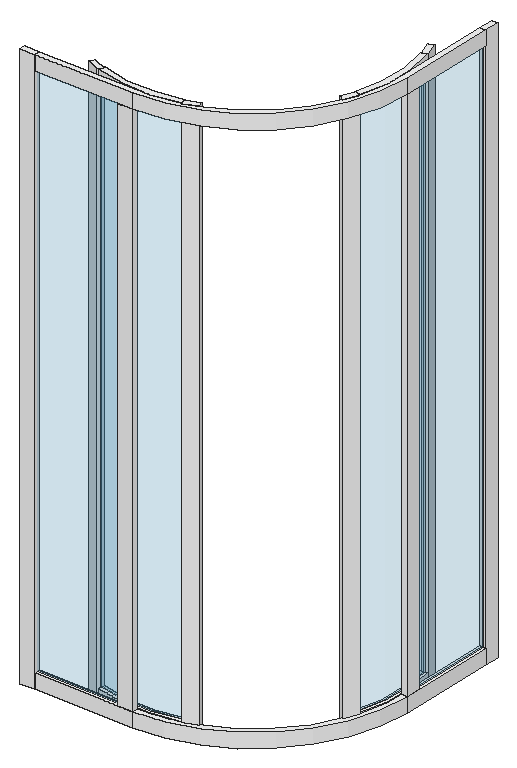
Revit family
Parameters (values of type "Ifö Solid, Clear glass, White profiles, 900mmx900mm")
  Width = 900.0 mm
  W1 = 386.3 mm
  Vertical Profile Width = 20.0 mm
  Vertical Profile Height = 50.0 mm
  VVS Number = "673863090"
  URL = "www.maxsibbern.dk"
  Reseller = "Max Sibbern A/S"
  Radius = 493.726 mm
  Profiles Top_Bottom = yes
  Profile Material = Ifö_White Aluminium
  Pane Material = Ifö_Glass
  Pane Height = if(Profiles Top_Bottom, (Height - 100.0 mm), Height)  # 1850.0 mm
  Model = "IFO_Shower Corner, Round"
  Manufacturer = "Ifö"
  Ifö Number = "0607580"
  Height = 1950.0 mm
  Handles = no
  Frame Profie Width = 20.0 mm
  Frame Profie Height = 50.0 mm
  CE Labeling = "yes"
  Assembly Code = "D2010"
Types (5, lengths in mm): name | VVS Number | Profile Material | Pane Material | Ifö Number
  Ifö Solid, Clear glass, White profiles, 900mmx900mm | "673863090" | Ifö_White Aluminium | Ifö_Glass | "0607580"
  Ifö Solid, Clear glass, Aluminium profiles, 900mmx900mm | "673863092" | Ifö_Aluminium | Ifö_Glass | "0607581"
  Ifö Solid, Printed glass, White profiles, 900mmx900mm | "673863290" | Ifö_White Aluminium | Ifö_Printed Glass | "0607582"
  Ifö Solid, Printed glass, Aluminium profiles, 900mmx900mm | "673863292" | Ifö_Aluminium | Ifö_Printed Glass | "0607582"
  Ifö Solid, Toned glass, Aluminium profiles, 900mmx900mm | "673863492" | Ifö_Aluminium | Ifö_Printed Glass | "0607583/673863492\r\n0607583"
Reference planes
  plane 1 "Center (Front/Back)": y = 0
  plane 2: z = 0
  plane 3 "Center (Left/Right)": x = 0
  plane 4: x = 900
  plane 5: y = -900
  plane 6: z = 1950
  plane 7: x = 50
  plane 8: y = -50
  plane 9: y = -890
  plane 10: y = -910
  plane 11: x = 890
  plane 12: x = 910
  plane 13: z = 50
  plane 14: z = 1900
  plane 15: x = 386.3
  plane 16: y = -386.3
  plane 17: x = 336.3
  plane 18: y = -336.3
  plane 19: y = -890
  plane 20: y = -910
  plane 21: x = 890
  plane 22: x = 910
  plane 23: y = -898
  plane 24: y = -902
  plane 25: x = 898
  plane 26: x = 902
  plane 27: x = 286.3
  plane 28: y = -286.3
  plane 29: y = -870
  plane 30: x = 870
  plane 31: y = -880
  plane 32: x = 880
  plane 33: z = 1900
  plane 34: z = 50
  plane 35: y = -890
  plane 36: y = -910
  plane 37: x = 890
  plane 38: x = 910
  plane 39: z = 975
  plane 40: z = 1900
  plane 41: z = 50
Forms (mm)
  Extrusion 1, solid, material "Ifö_White Aluminium" <- "Profile Material"
    sketch origin (0, 0, 0) x (1, 0, 0) y (0, 1, 0)
      loop
        line (50, -890) -> (50, -910) -> (386.3, -910)
        arc (386.3, -910) -> (756.612, -756.612) -> (910, -386.3) r 523.7
        line (910, -386.3) -> (910, -50) -> (890, -50) -> (890, -386.3)
        arc (890, -386.3) -> (742.47, -742.47) -> (386.3, -890) r 503.7
        line (386.3, -890) -> (50, -890)
    from 0 to 50
  Extrusion 2, solid, material "Ifö_White Aluminium" <- "Profile Material"
    sketch origin (1110, -1524, 1850) x (0, -1, 0) y (-1, 0, 0)
      loop
        line (-634, 1060) -> (-634, 723.7)
        arc (-634, 723.7) -> (-781.53, 367.53) -> (-1137.7, 220) r 503.7
        line (-1137.7, 220) -> (-1474, 220) -> (-1474, 200) -> (-1137.7, 200)
        arc (-1137.7, 200) -> (-767.388, 353.388) -> (-614, 723.7) r 523.7
        line (-614, 723.7) -> (-614, 1060) -> (-634, 1060)
    from -100 to -50
  Extrusion 3, solid, material "Ifö_White Aluminium" <- "Profile Material"
    sketch origin (1110, -1524, 1850) x (0, -1, 0) y (-1, 0, 0)
      loop
        line (-634, 1110) -> (-634, 1060) -> (-614, 1060) -> (-614, 1110) -> (-634, 1110)
    from -100 to 1850
  Extrusion 4, solid, material "Ifö_White Aluminium" <- "Profile Material"
    sketch origin (1110, -1524, 1850) x (0, -1, 0) y (-1, 0, 0)
      loop
        line (-1524, 200) -> (-1474, 200) -> (-1474, 220) -> (-1524, 220) -> (-1524, 200)
    from -100 to 1850
  Extrusion 5, solid, material "Ifö_White Aluminium" <- "Profile Material"
    sketch origin (1110, -1524, 1850) x (0, -1, 0) y (-1, 0, 0)
      loop
        line (-634, 773.7) -> (-634, 723.7) -> (-614, 723.7) -> (-614, 773.7) -> (-634, 773.7)
    from -50 to 1800
  Extrusion 6, solid, material "Ifö_White Aluminium" <- "Profile Material"
    sketch origin (1110, -1524, 1850) x (0, -1, 0) y (-1, 0, 0)
      loop
        line (-1187.7, 220) -> (-1187.7, 200) -> (-1137.7, 200) -> (-1137.7, 220) -> (-1187.7, 220)
    from -50 to 1800
  Extrusion 7, solid, material "Ifö_Glass" <- "Pane Material"
    sketch origin (0, 0, 0) x (1, 0, 0) y (0, 1, 0)
      loop
        line (50, -898) -> (50, -902) -> (336.3, -902) -> (336.3, -898) -> (50, -898)
    from 50 to 1900
  Extrusion 8, solid, material "Ifö_Glass" <- "Pane Material"
    sketch origin (0, 0, 0) x (1, 0, 0) y (0, 1, 0)
      loop
        line (902, -336.3) -> (902, -50) -> (898, -50) -> (898, -336.3) -> (902, -336.3)
    from 50 to 1900
  Extrusion 9, solid, material "Ifö_White Aluminium" <- "Profile Material"
    sketch origin (0, 0, 0) x (1, 0, 0) y (0, 1, 0)
      loop
        line (193.87, -830.103) -> (185.914, -848.453) -> (231.787, -868.343) -> (239.743, -849.994) -> (193.87, -830.103)
    from 0 to 1950 <- "Height"
  Extrusion 10, solid, material "Ifö_White Aluminium" <- "Profile Material"
    sketch origin (0, 0, 0) x (1, 0, 0) y (0, 1, 0)
      loop
        line (564.048, -836.185) -> (517.546, -854.558) -> (524.895, -873.159) -> (571.397, -854.786) -> (564.048, -836.185)
    from 0 to 1950 <- "Height"
  Sweep 11, solid, material "Ifö_Glass" <- "Pane Material"
    path origin (0, 0, 0) x (1, 0, 0) y (0, 1, 0)
      loop
        arc (236.84, -856.69) -> (378.208, -879.861) -> (520.278, -861.473) r 493.726
    profile origin (378.208, -879.861, 0) x (0.016874, 0.999858, 0) y (0, 0, 1)
      loop
        line (2, 50) -> (2, 1900) -> (-2, 1900) -> (-2, 50) -> (2, 50)
  Extrusion 12, solid, material "Ifö_White Aluminium" <- "Profile Material"
    sketch origin (0, 0, 0) x (1, 0, 0) y (0, 1, 0)
      loop
        line (836.185, -208.552) -> (854.558, -255.054) -> (873.159, -247.705) -> (854.786, -201.203) -> (836.185, -208.552)
    from 0 to 1950 <- "Height"
  Extrusion 13, solid, material "Ifö_White Aluminium" <- "Profile Material"
    sketch origin (0, 0, 0) x (1, 0, 0) y (0, 1, 0)
      loop
        line (830.103, -578.73) -> (848.453, -586.686) -> (868.343, -540.813) -> (849.994, -532.857) -> (830.103, -578.73)
    from 0 to 1950 <- "Height"
  Sweep 14, solid, material "Ifö_Glass" <- "Pane Material"
    path origin (0, 0, 0) x (1, 0, 0) y (0, 1, 0)
      loop
        arc (861.498, -252.312) -> (879.959, -394.41) -> (856.84, -535.825) r 493.726
    profile origin (879.959, -394.41, 0) x (0.999865, -0.016427, 0) y (0, 0, 1)
      loop
        line (2, 1900) -> (-2, 1900) -> (-2, 50) -> (2, 50) -> (2, 1900)
  Sweep 15, solid, material "Ifö_White Aluminium" <- "Profile Material", visible <- "Profiles Top_Bottom"
    path origin (0, 0, 0) x (1, 0, 0) y (0, 1, 0)
      loop
        arc (236.791, -856.845) -> (378.197, -879.959) -> (520.285, -861.498) r 493.726
    profile origin (378.197, -879.959, 0) x (0.016413, 0.999865, 0) y (0, 0, 1)
      loop
        line (-10, 0) -> (10, 0) -> (10, 50) -> (-10, 50) -> (-10, 0)
  Sweep 16, solid, material "Ifö_White Aluminium" <- "Profile Material", visible <- "Profiles Top_Bottom"
    path origin (0, 0, 0) x (1, 0, 0) y (0, 1, 0)
      loop
        arc (236.791, -856.845) -> (378.197, -879.959) -> (520.285, -861.498) r 493.726
    profile origin (378.197, -879.959, 0) x (0.016413, 0.999865, 0) y (0, 0, 1)
      loop
        line (-10, 1950) -> (-10, 1900) -> (10, 1900) -> (10, 1950) -> (-10, 1950)
  Sweep 17, solid, material "Ifö_White Aluminium" <- "Profile Material", visible <- "Profiles Top_Bottom"
    path origin (0, 0, 0) x (1, 0, 0) y (0, 1, 0)
      loop
        arc (861.498, -252.312) -> (879.959, -394.41) -> (856.84, -535.825) r 493.726
    profile origin (879.959, -394.41, 0) x (0.999865, -0.016427, 0) y (0, 0, 1)
      loop
        line (10, 0) -> (10, 50) -> (-10, 50) -> (-10, 0) -> (10, 0)
  Sweep 18, solid, material "Ifö_White Aluminium" <- "Profile Material", visible <- "Profiles Top_Bottom"
    path origin (0, 0, 0) x (1, 0, 0) y (0, 1, 0)
      loop
        arc (861.498, -252.312) -> (879.959, -394.41) -> (856.84, -535.825) r 493.726
    profile origin (879.959, -394.41, 0) x (0.999865, -0.016427, 0) y (0, 0, 1)
      loop
        line (10, 1950) -> (-10, 1950) -> (-10, 1900) -> (10, 1900) -> (10, 1950)
  Extrusion 19, solid, material "Ifö_White Aluminium" <- "Profile Material", visible <- "Handles"
    sketch origin (468.288, -873.171, 0) x (0, 0, 1) y (-0.986116, -0.166059, 0)
      loop
        circle (975, 0) r 15
    from 0 to 20
  Extrusion 20, solid, material "Ifö_White Aluminium" <- "Profile Material", visible <- "Handles"
    sketch origin (870.215, -484.237, 0) x (0, 0, 1) y (-0.198363, -0.980129, 0)
      loop
        circle (975, 0) r 15
    from 0 to 20
Lines and regions (mm)
  reference lines
    curve 1: arc (386.3, -900, 0) -> (749.541, -749.541, 0) -> (900, -386.3, 0) r 513.7
    curve 2: arc (386.3, -890, 0) -> (742.47, -742.47, 0) -> (890, -386.3, 0) r 503.7
    curve 3: arc (386.3, -910, 0) -> (756.612, -756.612, 0) -> (910, -386.3, 0) r 523.7
    curve 4: arc (189.892, -839.278, 0) -> (378.19, -879.959, 0) -> (567.722, -845.485, 0) r 493.726
    curve 5: arc (386.3, -880.026, 0) -> (735.417, -735.417, 0) -> (880.026, -386.3, 0) r 493.726
    curve 6: arc (845.485, -204.878, 0) -> (879.959, -394.41, 0) -> (839.278, -582.708, 0) r 493.726
    curve 7: line (386.3, -386.3, 0) -> (386.3, -386.3, 1950)
    curve 8: line (386.3, -386.3, 0) -> (189.892, -839.278, 0)
    curve 9: line (386.3, -386.3, 0) -> (567.722, -845.485, 0)
    curve 10: line (386.3, -386.3, 0) -> (839.278, -582.708, 0)
    curve 11: line (386.3, -386.3, 0) -> (845.485, -204.878, 0)
    curve 12: line (386.3, -386.3, 0) -> (468.288, -873.171, 0)
    curve 13: line (386.3, -386.3, 0) -> (870.215, -484.237, 0)
Dimensions and locks
  "Width": plane 3 "Center (Left/Right)" to plane 4
  "Width": plane 5 to plane 1 "Center (Front/Back)"
  "Height": plane 6 to level
  "Frame Profie Width": plane 9 to plane 10
  equal spacing: plane 9, plane 5, plane 10
  "Frame Profie Width": plane 11 to plane 12
  equal spacing: plane 11, plane 4, plane 12
  locked: plane 3 "Center (Left/Right)" to plane 7 at 50
  locked: plane 8 to plane 1 "Center (Front/Back)" at 50
  "Frame Profie Height": plane 6 to plane 14
  "Frame Profie Height": plane 13 to level
  "W1": plane 16 to plane 1 "Center (Front/Back)"
  "W1": plane 3 "Center (Left/Right)" to plane 15
  "Vertical Profile Height": plane 18 to plane 16
  "Vertical Profile Height": plane 17 to plane 15
  equal spacing: plane 19, plane 5, plane 20
  "Vertical Profile Width": plane 19 to plane 20
  "Vertical Profile Width": plane 21 to plane 22
  equal spacing: plane 21, plane 4, plane 22
  equal spacing: plane 24, plane 5, plane 23
  locked: plane 23 to plane 24 at 4
  equal spacing: plane 25, plane 4, plane 26
  locked: plane 25 to plane 26 at 4
  locked: plane 27 to plane 17 at 50
  locked: plane 28 to plane 18 at 50
  locked: plane 30 to plane 11 at 20
  locked: plane 29 to plane 9 at 20
  equal spacing: plane 30, plane 32, plane 11
  equal spacing: plane 29, plane 31, plane 9
  "Vertical Profile Width": Extrusion 9 sketch curve to Extrusion 9 sketch curve
  equal spacing: Extrusion 9 sketch curve, curve 8, Extrusion 9 sketch curve
  "Vertical Profile Height": Extrusion 9 sketch curve to Extrusion 9 sketch curve
  equal spacing: Extrusion 10 sketch curve, curve 9, Extrusion 10 sketch curve
  "Vertical Profile Width": Extrusion 10 sketch curve to Extrusion 10 sketch curve
  "Vertical Profile Height": Extrusion 10 sketch curve to curve 9
  equal spacing: Sweep 11 sketch curve, profile plane, Sweep 11 sketch curve
  locked: Sweep 11 sketch curve to Sweep 11 sketch curve at 4
  equal spacing: Extrusion 12 sketch curve, curve 11, Extrusion 12 sketch curve
  "Vertical Profile Width": Extrusion 12 sketch curve to Extrusion 12 sketch curve
  "Vertical Profile Height": Extrusion 12 sketch curve to Extrusion 12 sketch curve
  equal spacing: Extrusion 13 sketch curve, curve 10, Extrusion 13 sketch curve
  "Vertical Profile Width": Extrusion 13 sketch curve to Extrusion 13 sketch curve
  "Vertical Profile Height": Extrusion 13 sketch curve to Extrusion 13 sketch curve
  equal spacing: Sweep 14 sketch curve, profile plane, Sweep 14 sketch curve
  locked: Sweep 14 sketch curve to Sweep 14 sketch curve at 4
  Sweep 15 sketch curve to profile plane to Sweep 15 sketch curve = 10.0 mm locked, 10.0 mm locked
  locked: Sweep 15 sketch curve to profile plane at 50
  Sweep 16 sketch curve to profile plane to Sweep 16 sketch curve = 10.0 mm locked, 10.0 mm locked
  Sweep 17 sketch curve to profile plane to Sweep 17 sketch curve = 10.0 mm locked, 10.0 mm locked
  Sweep 18 sketch curve to profile plane to Sweep 18 sketch curve = 10.0 mm locked, 10.0 mm locked
  locked: plane 34 to level at 50
  locked: plane 6 to plane 33 at 50
  plane 36 to plane 5 to plane 35 = 10.0 mm locked, 10.0 mm locked
  plane 37 to plane 4 to plane 38 = 10.0 mm locked, 10.0 mm locked
  equal spacing: plane 6, plane 39, level
  equal spacing: plane 40, plane 39, plane 41
  "Pane Height": plane 40 to plane 41
  "Radius": radius of curve 4
  "Radius": radius of curve 5
  "Radius": radius of curve 6
  locked: curve 4 to curve 4 (angle 45.00°)
  locked: curve 6 to curve 6 (angle 45.00°)
  locked: curve 12 to curve 9 (angle 12.00°)
  locked: curve 10 to curve 13 (angle 12.00°)
  aligned and locked: level to plane 2
  aligned and locked: Extrusion 1 sketch curve to plane 9
  aligned and locked: Extrusion 1 sketch curve to curve 2
  aligned and locked: Extrusion 1 sketch curve to curve 3
  aligned and locked: Extrusion 1 sketch curve to plane 12
  aligned and locked: Extrusion 1 sketch curve to plane 7
  aligned and locked: Extrusion 1 sketch curve to plane 8
  aligned and locked: Extrusion 1 to level
  aligned and locked: plane 13 to Extrusion 1
  aligned and locked: plane 7 to Extrusion 2 sketch curve
  aligned and locked: plane 9 to Extrusion 2 sketch curve
  aligned and locked: plane 8 to Extrusion 2 sketch curve
  aligned and locked: plane 12 to Extrusion 2 sketch curve
  aligned and locked: Extrusion 2 sketch curve to curve 3
  aligned and locked: Extrusion 2 sketch curve to curve 2
  aligned and locked: plane 6 to Extrusion 2
  aligned and locked: plane 14 to Extrusion 2
  aligned and locked: plane 3 "Center (Left/Right)" to Extrusion 3 sketch curve
  aligned and locked: plane 7 to Extrusion 3 sketch curve
  aligned and locked: Extrusion 3 to level
  aligned and locked: plane 6 to Extrusion 3
  aligned and locked: plane 1 "Center (Front/Back)" to Extrusion 4 sketch curve
  aligned and locked: plane 8 to Extrusion 4 sketch curve
  aligned and locked: Extrusion 4 to level
  aligned and locked: plane 6 to Extrusion 4
  aligned and locked: plane 19 to Extrusion 5 sketch curve
  aligned and locked: plane 17 to Extrusion 5 sketch curve
  aligned and locked: Extrusion 5 sketch curve to plane 20
  aligned and locked: plane 15 to Extrusion 5 sketch curve
  aligned and locked: Extrusion 5 to plane 14
  aligned and locked: Extrusion 5 to plane 13
  aligned and locked: plane 18 to Extrusion 6 sketch curve
  aligned and locked: Extrusion 6 sketch curve to plane 21
  aligned and locked: Extrusion 6 sketch curve to plane 16
  aligned and locked: plane 22 to Extrusion 6 sketch curve
  aligned and locked: Extrusion 6 to plane 14
  aligned and locked: Extrusion 6 to plane 13
  aligned and locked: Extrusion 7 sketch curve to plane 23
  aligned and locked: Extrusion 7 sketch curve to plane 24
  aligned and locked: Extrusion 7 sketch curve to plane 7
  aligned and locked: Extrusion 7 sketch curve to plane 17
  aligned and locked: Extrusion 7 to plane 13
  aligned and locked: Extrusion 7 to plane 14
  aligned and locked: plane 26 to Extrusion 8 sketch curve
  aligned and locked: plane 25 to Extrusion 8 sketch curve
  aligned and locked: Extrusion 8 sketch curve to plane 8
  aligned and locked: Extrusion 8 sketch curve to plane 18
  aligned and locked: Extrusion 8 to plane 13
  aligned and locked: Extrusion 8 to plane 14
  aligned and locked: plane 15 to curve 8
  aligned and locked: curve 8 to Extrusion 9 sketch curve
  aligned and locked: curve 9 to Extrusion 10 sketch curve
  aligned and locked: Extrusion 10 to Sweep 11 sketch curve
  aligned and locked: Extrusion 9 to Sweep 11 sketch curve
  aligned and locked: curve 11 to Extrusion 12 sketch curve
  aligned and locked: curve 10 to Extrusion 13 sketch curve
  aligned and locked: Sweep 14 sketch curve to curve 6
  aligned and locked: Extrusion 12 to Sweep 14 sketch curve
  aligned and locked: Extrusion 13 to Sweep 14 sketch curve
  aligned and locked: Sweep 15 sketch curve to curve 4
  aligned and locked: Sweep 11 to Sweep 15 sketch curve  (x2)
  aligned and locked: Sweep 15 sketch curve to Extrusion 10
  aligned and locked: Sweep 16 sketch curve to curve 4
  aligned and locked: Sweep 15 to Sweep 16 sketch curve
  aligned and locked: Sweep 11 to Sweep 16 sketch curve
  aligned and locked: Sweep 16 sketch curve to plane 6
  aligned and locked: Sweep 17 sketch curve to curve 6
  aligned and locked: Sweep 14 to Sweep 17 sketch curve  (x2)
  aligned and locked: level to Sweep 17 sketch curve
  aligned and locked: Sweep 18 sketch curve to curve 6
  aligned and locked: Sweep 14 to Sweep 18 sketch curve  (x2)
  aligned and locked: plane 6 to Sweep 18 sketch curve
  aligned and locked: Sweep 16 sketch curve to plane 33
  aligned and locked: plane 33 to Sweep 18 sketch curve
  aligned and locked: plane 34 to Sweep 17 sketch curve
  aligned and locked: Extrusion 3 sketch curve to plane 35
  aligned and locked: Extrusion 3 sketch curve to plane 36
  aligned and locked: Extrusion 4 sketch curve to plane 37
  aligned and locked: Extrusion 4 sketch curve to plane 38
  aligned and locked: plane 39 to Extrusion 19 sketch curve
  aligned and locked: plane 39 to Extrusion 20 sketch curve
  aligned and locked: Sweep 14 sketch curve to plane 40
  aligned and locked: Sweep 14 sketch curve to plane 41
  aligned and locked: Sweep 11 sketch curve to plane 40
  aligned and locked: plane 41 to Sweep 11 sketch curve
Automatic sketch dimensions
  curve 7 to plane 6 = 0.0 mm
  curve 7 to plane 15 = 0.0 mm
  curve 7 to level = 0.0 mm
  plane 29 to Sweep 11 sketch curve = 13.31 mm
  plane 16 to Sweep 11 sketch curve = 0.095 mm
  plane 15 to Sweep 11 sketch curve = 0.24 mm
  curve 1 to curve 2 = 0.0 mm  (x2)
  curve 1 to curve 3 = 0.0 mm  (x2)
  curve 1 to curve 4 = 0.0 mm  (x2)
  curve 1 to curve 5 = 0.0 mm  (x2)
  curve 1 to curve 6 = 0.0 mm
  curve 5 to curve 6 = 0.0 mm
  curve 2 to plane 15 = 0.0 mm
  curve 2 to plane 11 = 0.0 mm
  curve 1 to plane 4 = 0.0 mm
  curve 3 to plane 12 = 0.0 mm
  plane 10 to curve 3 = 0.0 mm
  curve 13 to plane 16 = 0.0 mm
  plane 29 to curve 4 = 30.722 mm
  plane 30 to curve 10 = 30.722 mm
  radius of Extrusion 19 sketch curve = 15.0 mm
  radius of Extrusion 20 sketch curve = 15.0 mm
